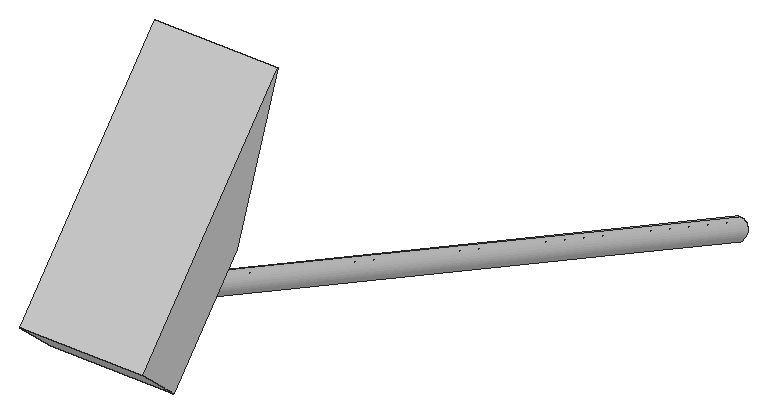
Revit family "SON-SCS-CSH-___-___", category Generic Models, Revit 2017
Family settings
  Can host rebar = No
  Round Connector Dimension = Use Diameter
  Part Type = Normal
  Work Plane-Based = No
  Always vertical = Yes
  Cut with Voids When Loaded = No
  Shared = No
  Room Calculation Point = No
Parameters (values of type "Nail Head_600x600")
  Soil Nail Total Length [instance] = 4000 mm
  Soil Nail Material = Ribbed Reinforcement
  Soil Nail Inclination [instance] = 20.00°
  Soil Nail Head Material = Concrete Grade 30/20
  Soil Nail Dia [instance] = 50 mm
  Nail Head Vertical Cut Angle [instance] = 70.00°
  Nail Head to Pivot [instance] = (Nail Head Width * -1 - 50 mm - 82 mm) / cos(Nail Head Angle - Soil Nail Inclination)  # 125.573 mm
  Nail Head Angle [instance] = 40.00°
  Hole Fill Material = Cement Grout
  Nail Head Width = -250 mm
  Nail Head Length = 600 mm
  Hole Dia [instance] = 100 mm
  Corrosion Protection Layer Material = Corrugated Sheath
  Corrosion Protection Dia.Outer [instance] = Corrosion Protection Dia. + 5 mm  # 75 mm
  Corrosion Protection Layer [instance] = no
  Corrosion Protection Dia. [instance] = Soil Nail Dia + 20 mm  # 70 mm
Types (4, lengths in mm): name | Nail Head Vertical Cut Angle | Nail Head Length
  (no name) | 70.00° | 600
  Nail Head_400x400 | 50.00° | 400
  Nail Head_600x600 | 70.00° | 600
  Nail Head_800x800 | 40.00° | 800
Reference planes
  plane 1 "Center (Front/Back)": y = 0
  plane 2: z = 0
  plane 3 "Center (Left/Right)": x = 0
Forms (mm)
  Extrusion 1, solid, material "Concrete Grade 30/20" <- "Soil Nail Head Material"
    sketch origin (0, 180.816, -95.657) x (1, 0, 0) y (0, -0.642788, -0.766044)
      loop
        line (300, -300) -> (300, 300) -> (-300, 300) -> (-300, -300) -> (300, -300)
    from 0 to -250 <- "Nail Head Width"
  Sweep 2, solid, material "Ribbed Reinforcement" <- "Soil Nail Material"
    path in 3D
      loop
        line (0, 0, 0) -> (0, 3758.77, -1368.081)
    profile origin (0, 1879.385, -684.04) x (0, 0.34202, 0.939693) y (1, 0, 0)
      loop
        circle (0, 0) r 25
  Sweep 3, solid, material "Cement Grout" <- "Hole Fill Material"
    path in 3D
      loop
        line (0, 135.364, -49.268) -> (0, 3805.755, -1385.182)
    profile origin (0, 1970.56, -717.225) x (0, 0.34202, 0.939693) y (1, 0, 0)
      loop
        circle (0, 0) r 50
      loop
        circle (0, 0) r 25
  Sweep 4, solid, material "Corrugated Sheath" <- "Corrosion Protection Layer Material", visible <- "Corrosion Protection Layer"
    path in 3D
      loop
        line (0, 135.364, -49.268) -> (0, 3805.755, -1385.182)
    profile origin (0, 1970.56, -717.225) x (0, 0.34202, 0.939693) y (1, 0, 0)
      loop
        circle (0, 0) r 37.5
      loop
        circle (0, 0) r 35
  Extrusion 5, solid, material "Concrete Grade 30/20" <- "Soil Nail Head Material"
    sketch origin (-300, -12.021, -325.47) x (0, 0.642788, 0.766044) y (0, 0.766044, -0.642788)
      loop
        line (600, -250) -> (1286.869, -250) -> (600, 0) -> (600, -250)
    from 0 to -600
Cuts and joins
  joined: Extrusion 1, Extrusion 5
Lines and regions (mm)
  reference lines
    curve 1: line (0, 0, 0) -> (0, 118, -42.948)
    curve 2: line (0, 118, -42.948) -> (0, 180.943, -42.948)
    curve 3: line (0, 118, -42.948) -> (0, 180.816, -95.657)
    curve 4: line (0, 0, 0) -> (0, 3758.77, -1368.081)
  sketch lines
    curve 5: line (0, 0, 0) -> (0, 3758.77, -1368.081)
    curve 6: line (0, 135.364, -49.268) -> (0, 3805.755, -1385.182)
    curve 7: line (0, 135.364, -49.268) -> (0, 3805.755, -1385.182)
Dimensions and locks
  "Nail Head to Pivot": curve 1 to curve 1
  "Nail Head Length": Extrusion 1 sketch curve to Extrusion 1 sketch curve  (x2)
  equal spacing: Extrusion 1 sketch curve, curve 3, Extrusion 1 sketch curve  (x2)
  "Soil Nail Total Length": curve 4 to curve 4
  Extrusion 1 to curve 4 = 50 mm
  "Soil Nail Dia": diameter of Sweep 2 sketch curve
  "Soil Nail Dia": diameter of Sweep 3 sketch curve
  "Hole Dia": diameter of Sweep 3 sketch curve
  "Corrosion Protection Dia.": diameter of Sweep 4 sketch curve
  "Corrosion Protection Dia.Outer": diameter of Sweep 4 sketch curve
  "Soil Nail Inclination": angle curve 1 to level
  "Nail Head Angle": angle curve 3 to curve 2
  "Soil Nail Inclination": angle curve 4 to level
  locked: Extrusion 5 sketch curve to Extrusion 1 (angle 90.00°)
  "Nail Head Vertical Cut Angle": angle Extrusion 1 to Extrusion 5 sketch curve
  aligned and locked: level to plane 2
  aligned and locked: Extrusion 1 to Extrusion 5
Automatic sketch dimensions
  curve 4 to level = 0 mm
  curve 4 to plane 1 "Center (Front/Back)" = 0 mm
  Sweep 2 sketch curve to profile plane = 0 mm  (x2)
  Sweep 3 sketch curve to Sweep 3 sketch curve = 0 mm  (x2)
  Sweep 3 sketch curve to profile plane = 0 mm  (x2)
  Sweep 4 sketch curve to Sweep 4 sketch curve = 0 mm  (x2)
  Sweep 4 sketch curve to profile plane = 0 mm  (x2)
  Extrusion 5 sketch curve to Extrusion 1 = 0 mm  (x3)
Nested families
  nested 1: "SON-SCS-CSH-___-___-SYM" at (0, 0, 0), type "SON-SCS-CSH-___-___-SYM"
Definition of nested family "SON-SCS-CSH-___-___-SYM"
  Reference planes
    plane 1: y = 0
    plane 2: x = 0
  Lines and regions (mm)
    detail lines
      curve 1: line (0.75, 0.75, 0) -> (0.75, -0.75, 0)
      curve 2: line (-0.75, 0.75, 0) -> (-0.75, -0.75, 0)
      curve 3: line (-0.75, 0.75, 0) -> (0.75, 0.75, 0)
      curve 4: line (-0.75, -0.75, 0) -> (0.75, -0.75, 0)
      curve 7: line (3.137, -0.75, 0) -> (3.137, 0.75, 0)
      curve 8: line (4.137, 0.75, 0) -> (4.137, -0.75, 0)
      curve 9: line (3.137, 0.75, 0) -> (4.137, -0.75, 0)
    reference lines
      curve 5: line (1.75, -0.75, 0) -> (1.75, 1.882, 0)
      curve 6: line (2.75, -0.972, 0) -> (2.75, 1.882, 0)
      curve 10: line (2.75, 0.75, 0) -> (1.4, 0.75, 0)
      curve 11: line (2.75, -0.75, 0) -> (1.511, -0.75, 0)
  Nested families
    nested 1: "Sign Pole 2D" at (2.259, -0.033, 0), type "Sign Pole 2D"
  Definition of nested family "Sign Pole 2D"
    Reference planes
      plane 1: y = 0
      plane 2: x = 0
    Lines and regions (mm)
      detail lines
        curve 1: arc (-0.409, 0.38, 0) -> (-0.004, 0.785, 0) -> (0.401, 0.38, 0) r 0.405
        curve 2: arc (0.396, -0.36, 0) -> (-0.028, -0.724, 0) -> (-0.413, -0.32, 0) r 0.405
        curve 3: arc (-0.409, 0.38, 0) -> (-0.402, 0.279, 0) -> (-0.38, 0.179, 0) r 0.707
        curve 4: arc (0.396, -0.36, 0) -> (0.394, -0.269, 0) -> (0.38, -0.179, 0) r 0.707
        curve 5: line (-0.38, 0.179, 0) -> (0.38, -0.179, 0)
